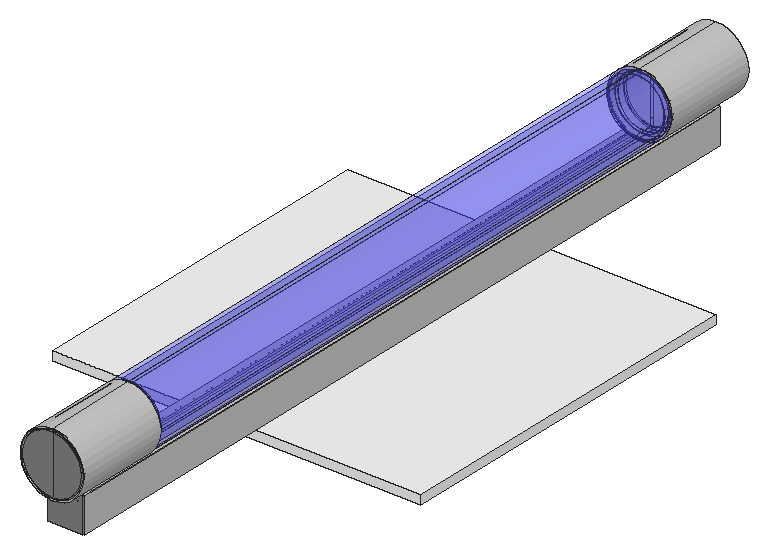
Revit family "BE_23259.2_de_DE", category Leuchten, Revit 2015
Parameters (values of type "BEGA_23259.2_K4")
  built-in parameter 1150104 = 13.8 (stored number, unit not read)
  Wattage = 9.2903 W
  Default Elevation = 0 mm
  built-in parameter 1150113 = 1 (stored number, unit not read)
  built-in parameter 1114218 = 1 (stored number, unit not read)
  Umgebungstemperatur = ""
  URL = "http://www.bega.de/produkt/23259.2"
  Typenkommentare = "© 2017 BEGA. Wir behalten uns das Recht vor, technische Änderungen ohne vorherige Ankündigung vorzunehmen."  # constant formula
  built-in parameter 1150134 = 12
  built-in parameter 1150109 = 1 (stored number, unit not read)
  Strom = ""
  built-in parameter 1150110 = 1 (stored number, unit not read)
  Spannung = 239.996 V
  Sonderanfertigung = no
  Seriennummer [instance] = "Hier können Sie die eindeutige Seriennummer für das Facility Management eintragen."
  Schutzklasse = "I"
  Schutzart = "IP 44"
  Scheinlast = 0 VA
  Produktdatenblatt = "http://www.bega.de/download/Xrfa/db/23259.2.db.de.pdf"
  Oberflächentemperatur = ""
  Neigungswinkel = 0.00°
  Modell = "23259.2K4"
  Material_17 = BEGA_Reflektor
  Material_15 = BEGA_Leuchtmedium_matt
  Material_11 = BEGA_Glas_opal
  Material_09 = BEGA_Glas_klar
  Material_06 = BEGA_Oberfläche_Edelstahl_gebürstet
  Material_05 = BEGA_Oberfläche_Aluminium Guss
  Material_04 = BEGA_Kunststoff_Grafit_matt
  Material_03 = BEGA_Oberfläche_Weiss_matt
  Material_02 = BEGA_Oberfläche_Silber_matt
  Material_01 [instance] = BEGA_Oberfläche_Grafit_matt
  M_W = no
  M_G = no
  M_A = no
  Logo = 0
  built-in parameter 1114217 = 1 (stored number, unit not read)
  built-in parameter 1150139 = (empty or 0)
  built-in parameter 1150105 = 109.82 (stored number, unit not read)
  built-in parameter 1150114 = 1 (stored number, unit not read)
  Lumens = 1380 lm
  built-in parameter 1150115 = 1 (stored number, unit not read)
  Leuchtenlichtstrom = "2383 lm"
  Leuchtenanzahl = ""
  Lebensdauerkriterien = "L70B50 @ 25 °C = 230000 h"
  Lastklassifizierung = Beleuchtung
  built-in parameter 1150112 = 1 (stored number, unit not read)
  Lampenlichtstrom = "3000 lm"
  Lampe = "LED 24 W"
  LED_Modulbezeichnung = "3x LED-0425/940"
  Hersteller = "BEGA"  # constant formula
  Halbstreuwinkel = ""
  Gewicht = "2.7 kg"
  Gebrauchslageneinschränkung [instance] = ""
  Frequenz = "0/50-60 Hz"
  Farbwiedergabeindex = "Ra > 90"
  Farbtemperaturverschiebung bei Dämpfen der Lampe = <Keine Auswahl>
  Farbtemperatur = "4000 K"
  Color Filter = 16777215
  built-in parameter 1150133 = 10 (stored number, unit not read)
  Energieeffizienzklasse = "LED A++ - A"
  built-in parameter 1150137 = (empty or 0)
  built-in parameter 1150132 = (empty or 0)
  ENEC = ""
  Dimmbar [instance] = ""
  Datei für fotometrisches Netz = "BE_23259K4.IES"
  CE_Konformität = "ja"
  Bestellnummer = "23259.2K4"
  Beschreibung_Sonderanfertigung = "Hier können Sie Informationen zur Sonderanfertigung eintragen."
  Beschreibung = "Wandleuchte"
  built-in parameter 1150106 = 1.0982 (stored number, unit not read)
  Befestigungsbohrung = "Ø 6 mm"
  Befestigungsabstand = "450 mm"
  Ballwurfsicher = ""
  BEGA_Intern_aus = yes
  BEGA_Intern_an = yes
  BEGA_Intern_Konstruktion = yes
  BEGA_Intern = yes
  BEGA_IES = yes
  BEGA_Dummy = no
  Anschlussleitung = ""
  Anschlussleistung [instance] = "26.9 W"
  Anschlusskasten = ""
  built-in parameter 1150107 = 4000 (stored number, unit not read)
  built-in parameter 1150102 = (empty or 0)
  built-in parameter 1150138 = (empty or 0)
  Aktualisierung = "2017-09-29T04:10:01"
  Abstand_zur_angestrahlten_Fläche [instance] = ""
  AC/DC = "AC/DC"
Types (2, lengths in mm): name | built-in parameter 1150104 | Wattage | built-in parameter 1150134 | Modell | built-in parameter 1150105 | Lumens | Leuchtenlichtstrom | Lampenlichtstrom | LED_Modulbezeichnung | Farbtemperatur | Datei für fotometrisches Netz | Bestellnummer | built-in parameter 1150106 | built-in parameter 1150107
  BEGA_23259.2_K4 | 13.8 (stored number, unit not read) | 9.2903 W | 12 | "23259.2K4" | 109.82 (stored number, unit not read) | 1380 lm | "2383 lm" | "3000 lm" | "3x LED-0425/940" | "4000 K" | "BE_23259K4.IES" | "23259.2K4" | 1.0982 (stored number, unit not read) | 4000 (stored number, unit not read)
  BEGA_23259.2_K3 | 10.74 (stored number, unit not read) | 24 W | (empty or 0) | "23259.2" | 220.78 (stored number, unit not read) | 2774.4 lm | "2197 lm" | "2775 lm" | "3x LED-0425/930" | "3000 K" | "BE_23259.IES" | "23259.2" | 2.2078 (stored number, unit not read) | 3000 (stored number, unit not read)
Reference planes
  plane 1 "Mitte (Vorne/Hinten)": y = 0
  plane 2: z = 0
  plane 3 "Mitte (Links/Rechts)": x = 0
  plane 4 "Links": x = -35
  plane 5 "Rechts": x = 35
  plane 6 "Unten": y = -450.75
  plane 7 "Oben": y = 450.75
  plane 8 "Vorne": z = 104.517
  plane 9 "Hinten": z = 0
Forms (mm)
  Extrusion 1, solid, material "BEGA_Platte_Weiss"
    sketch origin (0, -1119.2, 0) x (1, 0, 0) y (0, 1, 0)
      loop
        line (-200, 1319.2) -> (-200, 919.2) -> (200, 919.2) -> (200, 1319.2) -> (-200, 1319.2)
    from 0 to -10
  Extrusion 2, solid, material "BEGA_Dummy_matt", visible <- "BEGA_Dummy"
    sketch origin (80.095, -76.023, 0) x (1, 0, 0) y (0, 1, 0)
      loop
        line (-115.095, 526.773) -> (-115.095, -374.727) -> (-45.095, -374.727) -> (-45.095, 526.773) -> (-115.095, 526.773)
    from 0 to 104.517
Dimensions and locks
  plane 1 "Mitte (Vorne/Hinten)" to Extrusion 1 = 200 mm
  aligned and locked: plane 2 to Extrusion 1
  aligned and locked: level to Extrusion 1
Nested families
  nested 1: "BE_23259.2" at (0, 0, 0) x (0, 1, 0) z (0, 0, 1), type "BE_23259.2"
Connectors
  electrical at (0, 0, 0), driven by "Lastklassifizierung", driven by "Spannung", driven by "Scheinlast"
    settings: index 1, voltage 239.996 V, apparent load 0 VA, apparent load phase1 0 VA, apparent load phase2 0 VA, apparent load phase3 0 VA, power factor 1, load classification "Beleuchtung", number of poles 1, system type 31, power factor state 1, is connector primary yes, connector utility no, sub classification motor no, connector description ""
Definition of nested family "BE_23259.2"
  Parameters (values of type "BE_23259.2")
    Default Elevation = 1 mm
    URL = "http://www.bega.de/de/produkt"
    Type Comments = "© 2015 BEGA. Wir behalten uns das Recht vor, technische Änderungen ohne vorherige Ankündigung vorzunehmen. "  # constant formula
    Type Image = (empty or 0)
    Neigungswinkel_um_Z2 = 0.00°
    Neigungswinkel_um_Z1 = 0.00°
    Neigungswinkel_um_Y2 = 0.00°
    Neigungswinkel_um_Y1 = 0.00°
    Neigungswinkel_um_X2 = 0.00°
    Neigungswinkel_um_X1 = 0.00°
    Material_17 = none
    Material_15 = none
    Material_11 = none
    Material_09 = none
    Material_06 = none
    Material_05 = none
    Material_04 = none
    Material_03 = none
    Material_02 = none
    Material_01 = none
    M_W = yes
    M_G = yes
    M_A = yes
    Länge_Platte = 1000 mm  # constant formula
    Höhe_Platte = -10 mm  # constant formula
    Manufacturer = "BEGA"  # constant formula
    Drehwinkel_um_Z2 = 0.00°
    Drehwinkel_um_Z1 = 0.00°
    Breite_Platte = 200 mm  # constant formula
  Reference planes
    plane 1 "Mitte (Oben/Unten)": y = 0
    plane 2: z = 0
    plane 3 "Mitte (Links/Rechts)": x = 0
    plane 4: y = 35
    plane 5: y = -35
    plane 6: z = 104.517
    plane 7: x = -450.75
    plane 8: x = 450.75
    plane 9: z = 104.517
  Forms (mm)
    Extrusion 1, solid, detail levels medium
      sketch origin (0, 0, 0) x (1, 0, 0) y (0, 1, 0)
        loop
          line (-500, 100) -> (-500, -100) -> (500, -100) -> (500, 100) -> (-500, 100)
      from 0 to -10 <- "Höhe_Platte"
    Extrusion 2, solid, material <- "Material_06", detail levels medium+fine
      sketch origin (0, 0, 0) x (0, 1, 0) y (0, 0, 1)
        loop
          line (-20, 37.5) -> (-20, 0) -> (-15.75, 0) -> (-15.75, 6.5) -> (-16.8, 6.5)
          arc (-16.8, 6.5) -> (-17.507, 6.793) -> (-17.8, 7.5) r 1
          line (-17.8, 7.5) -> (-17.8, 32.29)
          arc (-17.8, 32.29) -> (-16.811, 33.7) -> (-15.148, 33.251) r 1.5
          line (-15.148, 33.251) -> (-11.917, 29.4) -> (11.917, 29.4) -> (15.148, 33.251)
          arc (15.148, 33.251) -> (16.811, 33.7) -> (17.8, 32.29) r 1.5
          line (17.8, 32.29) -> (17.8, 7.5)
          arc (17.8, 7.5) -> (17.507, 6.793) -> (16.8, 6.5) r 1
          line (16.8, 6.5) -> (15.75, 6.5) -> (15.75, 0) -> (20, 0) -> (20, 37.5) -> (18, 39.5)
          arc (18, 39.5) -> (15.101, 37.578) -> (12, 36.005) r 30
          line (12, 36.005) -> (12, 33.9)
          arc (12, 33.9) -> (11.561, 32.839) -> (10.5, 32.4) r 1.5
          line (10.5, 32.4) -> (-10.5, 32.4)
          arc (-10.5, 32.4) -> (-11.561, 32.839) -> (-12, 33.9) r 1.5
          line (-12, 33.9) -> (-12, 36.005)
          arc (-12, 36.005) -> (-15.101, 37.578) -> (-18, 39.5) r 30
          line (-18, 39.5) -> (-20, 37.5)
      from -431.412 to 430.25
    Extrusion 3, solid, material <- "Material_06", detail levels medium+fine
      sketch origin (0, 0, 0) x (1, 0, 0) y (0, 0, 1)
        loop
          line (324.75, 4.3) -> (324.75, 1) -> (344.75, 1) -> (344.75, 4.3) -> (324.75, 4.3)
        loop
          line (-125.21, 4.3) -> (-125.21, 1) -> (-105.233, 1) -> (-105.233, 4.3) -> (-125.21, 4.3)
      from -17.577 to 17.577
    Extrusion 4, solid, material <- "Material_04", detail levels medium+fine
      sketch origin (0, 0, 0) x (0, 1, 0) y (0, 0, 1)
        loop
          line (-18.99, 0.01) -> (18.99, 0.01) -> (19, 36.578) -> (17.542, 38.036)
          arc (17.542, 38.036) -> (0, 32.49) -> (-17.542, 38.036) r 30.51
          line (-17.542, 38.036) -> (-18.99, 36.588) -> (-18.99, 0.01)
      from 430.25 to 431.75
    Extrusion 5, solid, material <- "Material_04", detail levels medium+fine
      sketch origin (0, 0, 0) x (0, 1, 0) y (0, 0, -1)
        loop
          line (-18.99, -0.01) -> (-18.99, -36.588) -> (-17.542, -38.036)
          arc (-17.542, -38.036) -> (0, -32.49) -> (17.542, -38.036) r 30.51
          line (17.542, -38.036) -> (19, -36.578) -> (18.99, -0.01) -> (-18.99, -0.01)
      from 431.412 to 433.194
    Extrusion 6, void
      sketch origin (0, 0, 0) x (1, 0, 0) y (0, 1, 0)
        loop
          arc (331.75, 3) -> (328.75, 0) -> (331.75, -3) r 3
          line (331.75, -3) -> (337.75, -3)
          arc (337.75, -3) -> (339.866, -2.127) -> (340.75, -0.016) r 3
          arc (340.75, -0.016) -> (339.866, 2.127) -> (337.75, 3) r 3
          line (337.75, 3) -> (331.75, 3)
        loop
          arc (-112.281, 3) -> (-115.281, 6) -> (-118.281, 3) r 3
          line (-118.281, 3) -> (-118.281, -3)
          arc (-118.281, -3) -> (-117.409, -5.114) -> (-115.265, -6) r 3
          arc (-115.265, -6) -> (-113.154, -5.116) -> (-112.281, -3) r 3
          line (-112.281, -3) -> (-112.281, 3)
      from 0 to 6.5
    Revolve 7, void
      sketch origin (-400.75, 0, 0) x (0, 1, 0) y (0, 0, 1)
        loop
          line (-6, 32.4) -> (-6, 29.4) -> (0, 29.4) -> (0, 32.4) -> (-6, 32.4)
        axis (0, 32.4) -> (0, 29.4)
      angle from 0 to 360
    Revolve 8, solid, material <- "Material_06", detail levels medium+fine
      sketch origin (0, 0, 0) x (1, 0, 0) y (0, 0, 1)
        loop
          line (-450.75, 103.267) -> (-448.18, 103.267) -> (-447.41, 102.822) -> (-435.75, 102.517) -> (-347.75, 102.517) -> (-347.75, 104.517) -> (-450.75, 104.517) -> (-450.75, 103.267)
        loop
          line (450.75, 103.267) -> (450.75, 104.517) -> (347.75, 104.517) -> (347.75, 102.517) -> (435.75, 102.517) -> (447.41, 102.822) -> (448.18, 103.267) -> (450.75, 103.267)
        axis (-450.75, 69.517) -> (450.75, 69.517)
      angle from 0 to 360
    Revolve 9, solid, material <- "Material_04", detail levels medium+fine
      sketch origin (0, 0, 0) x (1, 0, 0) y (0, 0, 1)
        loop
          line (-450.75, 101.517) -> (-450.75, 69.517) -> (-444.75, 69.517) -> (-444.75, 100.067) -> (-435.75, 100.381) -> (-435.75, 103.017) -> (-447.75, 103.017) -> (-447.75, 101.517) -> (-450.75, 101.517)
        loop
          line (450.75, 101.517) -> (447.75, 101.517) -> (447.75, 103.017) -> (435.75, 103.017) -> (435.75, 100.381) -> (444.75, 100.067) -> (444.75, 69.517) -> (450.75, 69.517) -> (450.75, 101.517)
        axis (-450.75, 69.517) -> (450.75, 69.517)
      angle from 0 to 360
    Revolve 10, solid, material <- "Material_11", detail levels medium+fine
      sketch origin (0, 0, 0) x (1, 0, 0) y (0, 0, 1)
        loop
          line (-353.25, 98.517) -> (-349.165, 98.517)
          arc (-349.165, 98.517) -> (-344.872, 97.721) -> (-341.743, 100.767) r 4.75
          line (-341.743, 100.767) -> (342.743, 100.767)
          arc (342.743, 100.767) -> (345.872, 97.721) -> (350.165, 98.517) r 4.75
          line (350.165, 98.517) -> (354.086, 98.517) -> (362.5, 97.781) -> (362.5, 69.517) -> (366.25, 69.517) -> (366.25, 99.388)
          arc (366.25, 99.388) -> (365.726, 100.734) -> (364.434, 101.376) r 2
          line (364.434, 101.376) -> (354.25, 102.267) -> (346.25, 102.36) -> (346.25, 104.517) -> (-346.25, 104.517) -> (-346.25, 102.267) -> (-353.25, 102.267) -> (-353.25, 98.517)
        axis (-353.25, 69.517) -> (366.25, 69.517)
      angle from 0 to 360
    Revolve 11, void
      sketch origin (0, 0, 0) x (1, 0, 0) y (0, 0, 1)
        loop
          line (448.05, 79.117) -> (448.05, 69.517) -> (450.963, 69.517) -> (450.963, 79.295) -> (448.05, 79.117)
        axis (448.05, 69.517) -> (450.963, 69.517)
      angle from 0 to 360
    Revolve 12, solid, material <- "Material_06", detail levels fine
      sketch origin (0, 0, 0) x (1, 0, 0) y (0, 0, 1)
        loop
          line (448.05, 79.017) -> (448.05, 69.517) -> (450.55, 69.517) -> (450.55, 79.017) -> (448.05, 79.017)
        axis (448.05, 69.517) -> (450.55, 69.517)
      angle from 0 to 360
  Cuts and joins
    joined: Extrusion 4, Extrusion 5
    Revolve 7 cuts Extrusion 2
    Extrusion 6 cuts Extrusion 3
    joined: Extrusion 2, Extrusion 3
    Revolve 11 cuts Revolve 9
  Dimensions and locks
    equal spacing: Extrusion 1 sketch curve, plane 3 "Mitte (Links/Rechts)", Extrusion 1 sketch curve
    equal spacing: Extrusion 1 sketch curve, plane 1 "Mitte (Oben/Unten)", Extrusion 1 sketch curve
    "Länge_Platte": Extrusion 1 sketch curve to Extrusion 1 sketch curve
    "Breite_Platte": Extrusion 1 sketch curve to Extrusion 1 sketch curve
    aligned and locked: Extrusion 1 to plane 2
    aligned and locked: level to Extrusion 1
  Automatic sketch dimensions
    Extrusion 2 sketch curve to Extrusion 2 sketch curve = 0 mm  (x2)
    Extrusion 2 sketch curve to level = 0 mm  (x2)
    Extrusion 2 sketch curve to plane 1 "Mitte (Oben/Unten)" = 0 mm
    plane 1 "Mitte (Oben/Unten)" to Extrusion 2 sketch curve = 10.5 mm
    Extrusion 2 sketch curve to Extrusion 2 sketch curve = 1.417 mm  (x2)
    Extrusion 2 sketch curve to Extrusion 2 sketch curve = 1.5 mm  (x3)
    Extrusion 2 sketch curve to Extrusion 2 sketch curve = 3.148 mm  (x2)
    plane 1 "Mitte (Oben/Unten)" to Extrusion 2 sketch curve = 15.75 mm
    Extrusion 2 sketch curve to Extrusion 2 sketch curve = 1.152 mm  (x2)
    Extrusion 2 sketch curve to Extrusion 2 sketch curve = 1.05 mm  (x2)
    Extrusion 2 sketch curve to Extrusion 2 sketch curve = 1 mm
    Extrusion 2 sketch curve to Extrusion 2 sketch curve = 2.852 mm  (x2)
    Extrusion 2 sketch curve to Extrusion 2 sketch curve = 2 mm  (x2)
    Extrusion 2 sketch curve to plane 1 "Mitte (Oben/Unten)" = 10.5 mm
    level to Extrusion 2 sketch curve = 6.5 mm  (x2)
    Extrusion 2 sketch curve to plane 1 "Mitte (Oben/Unten)" = 15.75 mm
    Extrusion 2 sketch curve to Extrusion 2 sketch curve = 4.25 mm
    Extrusion 2 sketch curve to Extrusion 2 sketch curve = 21.9 mm
    Extrusion 2 sketch curve to Extrusion 2 sketch curve = 2.89 mm  (x2)
    Extrusion 2 sketch curve to Extrusion 2 sketch curve = 3 mm
    Extrusion 2 sketch curve to Extrusion 2 sketch curve = 2.105 mm  (x2)
    Extrusion 2 sketch curve to Extrusion 2 sketch curve = 5.21 mm  (x2)
    level to Extrusion 3 sketch curve = 1 mm  (x2)
    Extrusion 3 sketch curve to Extrusion 3 sketch curve = 19.977 mm
    level to Extrusion 3 sketch curve = 4.3 mm
    Extrusion 3 sketch curve to Extrusion 3 sketch curve = 20 mm
    Extrusion 3 sketch curve to Extrusion 3 sketch curve = 3.3 mm
    Extrusion 4 sketch curve to plane 1 "Mitte (Oben/Unten)" = 0 mm
    Extrusion 4 sketch curve to plane 5 = 17.458 mm
    level to Extrusion 4 sketch curve = 0.01 mm
    Extrusion 4 sketch curve to plane 5 = 16.01 mm
    Extrusion 4 sketch curve to plane 4 = 17.458 mm
    Extrusion 4 sketch curve to plane 4 = 16.01 mm
    Extrusion 4 sketch curve to Extrusion 4 sketch curve = 1.458 mm  (x2)
    Extrusion 4 sketch curve to Extrusion 4 sketch curve = 36.567 mm
    Extrusion 4 sketch curve to Extrusion 4 sketch curve = 36.578 mm
    Extrusion 5 sketch curve to plane 1 "Mitte (Oben/Unten)" = 0 mm
    Extrusion 5 sketch curve to plane 5 = 17.458 mm
    level to Extrusion 5 sketch curve = 0.01 mm
    Extrusion 5 sketch curve to plane 5 = 16.01 mm
    Extrusion 5 sketch curve to plane 4 = 17.458 mm
    Extrusion 5 sketch curve to plane 4 = 16.01 mm
    Extrusion 5 sketch curve to Extrusion 5 sketch curve = 1.458 mm
    Extrusion 5 sketch curve to Extrusion 5 sketch curve = 36.567 mm
    Extrusion 5 sketch curve to Extrusion 5 sketch curve = 36.578 mm
    Extrusion 5 sketch curve to Extrusion 5 sketch curve = 1.448 mm
    Extrusion 6 sketch curve to Extrusion 6 sketch curve = 0 mm  (x5)
    plane 1 "Mitte (Oben/Unten)" to Extrusion 6 sketch curve = 0 mm  (x2)
    Extrusion 6 sketch curve to plane 1 "Mitte (Oben/Unten)" = 3 mm
    Extrusion 6 sketch curve to Extrusion 6 sketch curve = 3 mm  (x2)
    plane 1 "Mitte (Oben/Unten)" to Extrusion 6 sketch curve = 3 mm  (x2)
    Extrusion 6 sketch curve to Extrusion 6 sketch curve = 6 mm
    Extrusion 6 sketch curve to Extrusion 6 sketch curve = 0.02 mm
    Extrusion 6 sketch curve to Extrusion 6 sketch curve = 0.035 mm
    Extrusion 6 sketch curve to plane 1 "Mitte (Oben/Unten)" = 0.016 mm
    plane 1 "Mitte (Oben/Unten)" to Extrusion 6 sketch curve = 0.016 mm
    Revolve 7 sketch curve to plane 1 "Mitte (Oben/Unten)" = 0 mm  (x2)
    Revolve 7 sketch curve to Revolve 7 sketch curve = 6 mm
    level to Revolve 7 sketch curve = 29.4 mm
    Revolve 7 sketch curve to Revolve 7 sketch curve = 3 mm
    Revolve 7 sketch curve to Revolve 7 sketch curve = 4.732 mm
    Revolve 7 sketch curve to Revolve 7 sketch curve = 0 mm
    Extrusion 4 sketch curve to Extrusion 4 sketch curve = 24.964 mm
    Extrusion 5 sketch curve to Extrusion 5 sketch curve = 24.964 mm
    Revolve 8 sketch curve to Revolve 8 sketch curve = 2.57 mm
    Revolve 8 sketch curve to Revolve 8 sketch curve = 0.77 mm  (x2)
    Revolve 8 sketch curve to Revolve 8 sketch curve = 11.66 mm
    Revolve 8 sketch curve to Revolve 8 sketch curve = 88 mm
    level to Revolve 8 sketch curve = 102.517 mm  (x2)
    Revolve 8 sketch curve to Revolve 8 sketch curve = 0.305 mm  (x2)
    Revolve 8 sketch curve to Revolve 8 sketch curve = 0.445 mm  (x2)
    Revolve 8 sketch curve to Revolve 8 sketch curve = 2 mm  (x2)
    Revolve 8 sketch curve to Revolve 8 sketch curve = 27.869 mm
    Revolve 8 sketch curve to Revolve 8 sketch curve = 33 mm
    Revolve 9 sketch curve to Revolve 9 sketch curve = 3 mm
    Revolve 9 sketch curve to Revolve 9 sketch curve = 6 mm  (x2)
    Revolve 9 sketch curve to Revolve 9 sketch curve = 9 mm  (x2)
    level to Revolve 9 sketch curve = 69.517 mm  (x2)
    Revolve 9 sketch curve to Revolve 9 sketch curve = 30.55 mm  (x2)
    Revolve 9 sketch curve to Revolve 9 sketch curve = 0.314 mm  (x2)
    Revolve 9 sketch curve to Revolve 9 sketch curve = 1.45 mm  (x2)
    Revolve 9 sketch curve to Revolve 9 sketch curve = 1.5 mm  (x2)
    Revolve 9 sketch curve to Revolve 9 sketch curve = 4 mm
    Revolve 9 sketch curve to Revolve 9 sketch curve = 0 mm
    level to Revolve 12 sketch curve = 69.517 mm
    Revolve 12 sketch curve to Revolve 12 sketch curve = 9.5 mm
    Revolve 12 sketch curve to Revolve 12 sketch curve = 0 mm  (x2)
    Revolve 10 sketch curve to plane 6 = 0 mm
    plane 6 to Revolve 10 sketch curve = 2.25 mm  (x2)
    Revolve 10 sketch curve to Revolve 10 sketch curve = 4.085 mm
    Revolve 10 sketch curve to Revolve 10 sketch curve = 2.915 mm  (x2)
    Revolve 10 sketch curve to Revolve 10 sketch curve = 0 mm
    Revolve 10 sketch curve to Revolve 10 sketch curve = 4.507 mm
    plane 6 to Revolve 10 sketch curve = 3.75 mm
    plane 6 to Revolve 10 sketch curve = 2.157 mm
    Revolve 10 sketch curve to Revolve 10 sketch curve = 3.507 mm
    Revolve 10 sketch curve to Revolve 10 sketch curve = 1 mm
    Revolve 10 sketch curve to Revolve 10 sketch curve = 3.921 mm
    Revolve 10 sketch curve to Revolve 10 sketch curve = 0.164 mm
    Revolve 10 sketch curve to Revolve 10 sketch curve = 8.414 mm
    Revolve 10 sketch curve to Revolve 10 sketch curve = 1.75 mm
    plane 6 to Revolve 10 sketch curve = 3.141 mm
    Revolve 10 sketch curve to Revolve 10 sketch curve = 0.184 mm
    Revolve 10 sketch curve to Revolve 10 sketch curve = 3.75 mm  (x3)
    Revolve 10 sketch curve to Revolve 10 sketch curve = 1.988 mm
    Revolve 10 sketch curve to Revolve 10 sketch curve = 1.604 mm
    Revolve 10 sketch curve to Revolve 10 sketch curve = 28.264 mm
    Revolve 10 sketch curve to plane 3 "Mitte (Links/Rechts)" = 46.5 mm
    plane 3 "Mitte (Links/Rechts)" to Revolve 10 sketch curve = 23.5 mm
    plane 6 to Revolve 10 sketch curve = 35 mm
    Revolve 11 sketch curve to Revolve 11 sketch curve = 2.913 mm
    plane 6 to Revolve 11 sketch curve = 35 mm
    Revolve 11 sketch curve to Revolve 11 sketch curve = 9.6 mm
    Revolve 11 sketch curve to Revolve 11 sketch curve = 0.178 mm
    Revolve 11 sketch curve to Revolve 11 sketch curve = 0 mm  (x2)
    Revolve 11 sketch curve to Revolve 11 sketch curve = 0.462 mm
    plane 7 to Extrusion 3 sketch curve = 345.517 mm
    plane 7 to Extrusion 6 sketch curve = 338.469 mm
    Revolve 8 sketch curve to plane 7 = 0 mm
    Revolve 8 sketch curve to Revolve 8 sketch curve = 43.754 mm
    Revolve 9 sketch curve to plane 7 = 0 mm  (x2)
    plane 7 to Revolve 10 sketch curve = 109.007 mm
    plane 8 to Extrusion 3 sketch curve = 126 mm
    plane 8 to Extrusion 6 sketch curve = 119 mm
    Revolve 8 sketch curve to plane 8 = 0 mm
    plane 8 to Revolve 8 sketch curve = 103 mm
    plane 8 to Revolve 8 sketch curve = 15 mm
    plane 8 to Revolve 8 sketch curve = 3.34 mm
    plane 8 to Revolve 9 sketch curve = 0 mm
    plane 8 to Revolve 9 sketch curve = 3 mm
    plane 8 to Revolve 10 sketch curve = 108.007 mm
    plane 8 to Revolve 11 sketch curve = 2.7 mm
    plane 8 to Revolve 12 sketch curve = 2.7 mm
    plane 8 to Revolve 12 sketch curve = 0.2 mm
    Revolve 12 sketch curve to plane 8 = 0.342 mm
